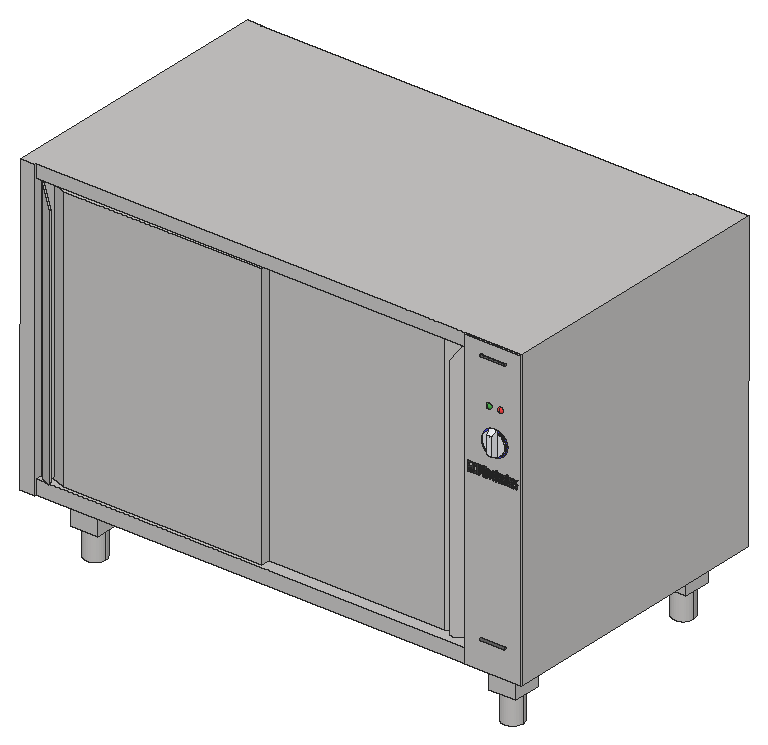
Revit family "QF_ELECTROLUXPROFESSIONAL_121907_TE2SE12DA", category Attrezzature speciali, Revit 2020
Family settings
  Quota connettore circolare = Usa diametro
  Tipo di parte = Normale
  Basato su piano di lavoro = No
  Sempre verticale = Sì
  Taglio con vuoti quando caricato = No
  Condiviso = No
  Punto di calcolo locali = No
Parameters (values of type "Standard")
  Weight = 100.00 kg
  Watts = 1600 W
  Volts = 230 V
  URL Manufacturer = "https://www.electroluxprofessional.com/"
  URL = "https://www.electroluxprofessional.com/"
  Steam Supply Size = 0 mm
  Steam Supply Minimum Pressure = 0.0 Pa
  Steam Supply Maximum Pressure = 0.0 Pa
  Steam Consumption per Hour = 0
  Refrigeration Suction Line Size = 0.0 mm
  Refrigeration Liquid Line Size = 0.0 mm
  Refrigerant Compressor Remote = yes
  Prospetto di default = 0.0 mm
  Phase = 1
  Modello = "TE2SE12DA"
  Produttore = "Electrolux Professional"
  Length Actual = 1200.0 mm  # constant formula
  Item Number = "121907"
  Hot Water Size = 0 mm
  Height Actual = 860.0 mm  # constant formula
  HP = "2.1 HP"
  Gas Size = 0 mm
  Gas KW = 0
  Gas Input Pressure = 0 W
  Direct Waste Size = 0 mm
  Descrizione = "HOT CUPB.PASSTH.2+2 SLIDING DOORS 1200MM"
  Depth Actual = 680.0 mm  # constant formula
  Cycle = 50 Hz
  Condensate Return Size = 0 mm
  Compressed Air Volume = 0.0 L/s
  Compressed Air Size = 0 mm
  Compressed Air Pressure = 0.0 Pa
  Cold Water Size = 0 mm
  Accessory = yes
Reference planes
  plane 1 "Center (Front/Back)": y = 0
  plane 2: z = 0
  plane 3 "Center (Left/Right)": x = -300
  plane 4 "LEFT": x = -900
  plane 5 "RIGHT": x = 300
  plane 6 "BACK": y = 340
  plane 7 "FRONT": y = -340
  plane 8 "Base": z = 860
  plane 9 "TOP": z = 900
  plane 10: x = -800
  plane 11: x = 200
  plane 12: y = 270
  plane 13: y = -240
  plane 14 "FEET": z = 150
  plane 15: x = -866
  plane 16: y = -337
  plane 17: y = 310
  plane 18: x = 166
  plane 19 "EIy": x = 268
  plane 20 "EIx": y = -90
  plane 21: y = 337
Forms (mm)
  Extrusion 1, solid, material "QF_Finishes_Stainless Steel"
    sketch origin (0, 0, 150) x (-1, 0, 0) y (0, -1, 0)
      loop
        line (900, -340) -> (900, 340) -> (866, 340) -> (866, -340) -> (900, -340)
      loop
        line (-166, -340) -> (-166, 337) -> (-300, 337) -> (-300, -340) -> (-166, -340)
    from 0 to 710
  Extrusion 2, solid, material "QF_Finishes_Stainless Steel"
    sketch origin (0, 0, 150) x (-1, 0, 0) y (0, -1, 0)
      loop
        line (866, -310) -> (866, 337) -> (-166, 337) -> (-166, -310) -> (866, -310)
    from 0 to 35
  Extrusion 3, solid, material "QF_Finishes_Stainless Steel"
    sketch origin (0, 0, 0) x (1, 0, 0) y (0, 1, 0)
      loop
        line (-866, -337) -> (166, -337) -> (166, 337) -> (-866, 337) -> (-866, -337)
    from 830 to 860
  Extrusion 4, solid, material "QF_Finishes_Stainless Steel"
    sketch origin (0, -340, 0) x (-1, 0, 0) y (0, 0, 1)
      loop
        line (301, 185) -> (301, 187) -> (299, 187) -> (299, 185) -> (301, 185)
    from 45 to 43
  Extrusion 5, solid, material "QF_Finishes_Stainless Steel"
    sketch origin (0, 0, 150) x (-1, 0, 0) y (0, -1, 0)
      loop
        circle (-268, 90) r 10
    from 0 to -5
  Extrusion 6, solid, material "QF_Finishes_Stainless Steel"
    sketch origin (0, 0, 150) x (-1, 0, 0) y (0, -1, 0)
      loop
        line (376.5, 317) -> (-98, 317) -> (-133, 302) -> (-163, 302) -> (-163, 297) -> (376.5, 297) -> (376.5, 317)
    from 675 to 40
  Extrusion 7, solid, material "QF_Finishes_Stainless Steel"
    sketch origin (0, 0, 150) x (-1, 0, 0) y (0, -1, 0)
      loop
        line (-121, 331) -> (-149, 316) -> (-163, 302) -> (-160.172, 302) -> (-147.795, 314.377) -> (-120.056, 329.237) -> (-121, 331)
    from 675 to 40
  Extrusion 8, solid, material "QF_Finishes_Stainless Steel"
    sketch origin (0, 0, 150) x (-1, 0, 0) y (0, -1, 0)
      loop
        line (323.481, 337) -> (323.481, 317) -> (863, 317) -> (863, 322) -> (833, 322) -> (798, 337) -> (323.481, 337)
    from 675 to 40
  Extrusion 9, solid, material "QF_Finishes_Stainless Steel"
    sketch origin (0, 0, 150) x (-1, 0, 0) y (0, -1, 0)
      loop
        line (821, 351) -> (820.056, 349.237) -> (847.795, 334.377) -> (860.172, 322) -> (863, 322) -> (849, 336) -> (821, 351)
    from 675 to 40
  Extrusion 10, solid, material "QF_Finishes_Stainless Steel"
    sketch origin (0, 340, 0) x (-1, 0, 0) y (0, 0, -1)
      loop
        line (301, -185) -> (299, -185) -> (299, -187) -> (301, -187) -> (301, -185)
    from 45 to 43
  Extrusion 11, solid, material "QF_Finishes_Stainless Steel"
    sketch origin (0, 0, 150) x (-1, 0, 0) y (0, -1, 0)
      loop
        line (376.5, -317) -> (376.5, -297) -> (-163, -297) -> (-163, -302) -> (-133, -302) -> (-98, -317) -> (376.5, -317)
    from 675 to 40
  Extrusion 12, solid, material "QF_Finishes_Stainless Steel"
    sketch origin (0, 0, 150) x (-1, 0, 0) y (0, -1, 0)
      loop
        line (-121, -331) -> (-120.056, -329.237) -> (-147.795, -314.377) -> (-160.172, -302) -> (-163, -302) -> (-149, -316) -> (-121, -331)
    from 675 to 40
  Extrusion 13, solid, material "QF_Finishes_Stainless Steel"
    sketch origin (0, 0, 150) x (-1, 0, 0) y (0, -1, 0)
      loop
        line (323.481, -337) -> (798, -337) -> (833, -322) -> (863, -322) -> (863, -317) -> (323.481, -317) -> (323.481, -337)
    from 675 to 40
  Extrusion 14, solid, material "QF_Finishes_Stainless Steel"
    sketch origin (0, 0, 150) x (-1, 0, 0) y (0, -1, 0)
      loop
        line (821, -351) -> (849, -336) -> (863, -322) -> (860.172, -322) -> (847.795, -334.377) -> (820.056, -349.237) -> (821, -351)
    from 675 to 40
  Extrusion 15, void
    sketch origin (-318.5, -342.5, 2435) x (-1, 0, 0) y (0, 0, 1)
      loop
        line (497, -1610) -> (497, -1661.75) -> (531.5, -1610) -> (497, -1610)
      loop
        line (501.556, -2245) -> (511.556, -2245)
        arc (511.556, -2245) -> (504.484, -2242.071) -> (501.556, -2235) r 10
        line (501.556, -2235) -> (501.556, -2245)
    from -13.118 to 9.689
  Extrusion 16, void
    sketch origin (-318.5, 342.5, 2436.5) x (-1, 0, 0) y (0, 0, -1)
      loop
        line (497, 1610) -> (531.5, 1610) -> (497, 1661.75) -> (497, 1610)
      loop
        line (501.556, 2245) -> (501.556, 2235)
        arc (501.556, 2235) -> (504.484, 2242.071) -> (511.556, 2245) r 10
        line (511.556, 2245) -> (501.556, 2245)
    from -13.118 to 9.689
  Extrusion 17, void
    sketch origin (-481.5, -342.5, 2430) x (1, 0, 0) y (0, 0, -1)
      loop
        line (597, 1605) -> (631.5, 1605) -> (597, 1656.75) -> (597, 1605)
      loop
        line (601.556, 2240) -> (601.556, 2230)
        arc (601.556, 2230) -> (604.484, 2237.071) -> (611.556, 2240) r 10
        line (611.556, 2240) -> (601.556, 2240)
    from 5.5 to 29.918
  Extrusion 18, void
    sketch origin (-481.5, 342.5, 2430) x (1, 0, 0) y (0, 0, 1)
      loop
        line (597, -1605) -> (597, -1656.75) -> (631.5, -1605) -> (597, -1605)
      loop
        line (601.556, -2240) -> (611.556, -2240)
        arc (611.556, -2240) -> (604.484, -2237.071) -> (601.556, -2230) r 10
        line (601.556, -2230) -> (601.556, -2240)
    from 5.5 to 29.918
Cuts and joins
  joined: Extrusion 1, Extrusion 3
  Extrusion 17 cuts Extrusion 7
  Extrusion 15 cuts Extrusion 9
  Extrusion 16 cuts Extrusion 14
  Extrusion 18 cuts Extrusion 12
Lines and regions (mm)
  symbolic lines, style "SpecialityEquipmentHiddenLines"
    curve 1: line (300, -340, 900) -> (300, 340, 900)
    curve 2: line (-900, -344.5, 150) -> (-900, 340, 150)
    curve 3: line (-900, -340, 150) -> (-866, -340, 150)
    curve 4: line (-866, -340, 150) -> (-866, -337, 150)
    curve 5: line (-866, -337, 150) -> (166, -337, 150)
    curve 6: line (166, -337, 150) -> (166, -340, 150)
    curve 7: line (166, -340, 150) -> (300, -340, 150)
    curve 8: line (168, -340, 1600) -> (168, -337, 1600)
    curve 10: line (-868, -337, 1600) -> (-868, -340, 1600)
    curve 11: line (166, -297, 200) -> (-376.5, -297, 200)
    curve 12: line (-376.5, -297, 200) -> (-376.5, -317, 200)
    curve 13: line (99, -317, 200) -> (-863, -317, 200)
    curve 17: line (-323.5, -317, 200) -> (-323.5, -337, 200)
    curve 18: line (98, -317, 1600) -> (133, -302, 1600)
    curve 19: line (133, -302, 1600) -> (163, -302, 1600)
    curve 20: line (163, -302, 1600) -> (163, -297, 1600)
    curve 21: line (120.958, -331.023, 1600) -> (148.999, -316.001, 1600)
    curve 22: line (148.999, -316.001, 1600) -> (163, -302, 1600)
    curve 23: line (160.172, -302, 1600) -> (147.795, -314.377, 1600)
    curve 24: line (147.795, -314.377, 1600) -> (119.992, -329.271, 1600)
    curve 25: line (119.992, -329.271, 1600) -> (120.958, -331.023, 1600)
    curve 26: line (-863, -317, 1600) -> (-863, -322, 1600)
    curve 27: line (-863, -322, 1600) -> (-849, -336, 1600)
    curve 28: line (-849, -336, 1600) -> (-847.133, -337, 1600)
    curve 29: line (-842.884, -337, 1600) -> (-847.955, -334.283, 1600)
    curve 30: line (-847.955, -334.283, 1600) -> (-860.239, -322, 1600)
    curve 31: line (-798, -337, 1600) -> (-833, -322, 1600)
    curve 32: line (-833, -322, 1600) -> (-863, -322, 1600)
    curve 33: line (-900, 340, 150) -> (-866, 340, 150)
    curve 34: line (-866, 340, 150) -> (-866, 337, 150)
    curve 35: line (-866, 337, 150) -> (166, 337, 150)
    curve 36: line (166, 337, 150) -> (166, 340, 150)
    curve 37: line (166, 340, 150) -> (300, 340, 150)
    curve 38: line (168, 340, 1600) -> (168, 337, 1600)
    curve 40: line (-868, 337, 1600) -> (-868, 340, 1600)
    curve 41: line (166, 297, 200) -> (-376.5, 297, 200)
    curve 42: line (-376.5, 297, 200) -> (-376.5, 317, 200)
    curve 43: line (99, 317, 200) -> (-863, 317, 200)
    curve 47: line (-323.5, 317, 200) -> (-323.5, 337, 200)
    curve 48: line (98, 317, 1600) -> (133, 302, 1600)
    curve 49: line (133, 302, 1600) -> (163, 302, 1600)
    curve 50: line (163, 302, 1600) -> (163, 297, 1600)
    curve 51: line (120.958, 331.023, 1600) -> (148.999, 316.001, 1600)
    curve 52: line (148.999, 316.001, 1600) -> (163, 302, 1600)
    curve 53: line (160.172, 302, 1600) -> (147.795, 314.377, 1600)
    curve 54: line (147.795, 314.377, 1600) -> (119.992, 329.271, 1600)
    curve 55: line (119.992, 329.271, 1600) -> (120.958, 331.023, 1600)
    curve 56: line (-863, 317, 1600) -> (-863, 322, 1600)
    curve 57: line (-863, 322, 1600) -> (-849, 336, 1600)
    curve 58: line (-849, 336, 1600) -> (-847.133, 337, 1600)
    curve 59: line (-842.884, 337, 1600) -> (-847.955, 334.283, 1600)
    curve 60: line (-847.955, 334.283, 1600) -> (-860.239, 322, 1600)
    curve 61: line (-798, 337, 1600) -> (-833, 322, 1600)
    curve 62: line (-833, 322, 1600) -> (-863, 322, 1600)
  symbolic lines, style "SpecialityEquipment"
    curve 9: line (168, -337, 1600) -> (-868, -337, 1600)
    curve 14: line (-847.133, -337, 1600) -> (-820.985, -351.008, 1600)
    curve 15: line (-820.985, -351.008, 1600) -> (-820.038, -349.239, 1600)
    curve 16: line (-842.884, -337, 1600) -> (-820.038, -349.239, 1600)
    curve 39: line (168, 337, 1600) -> (-868, 337, 1600)
    curve 44: line (-847.133, 337, 1600) -> (-820.985, 351.008, 1600)
    curve 45: line (-820.985, 351.008, 1600) -> (-820.038, 349.239, 1600)
    curve 46: line (-842.884, 337, 1600) -> (-820.038, 349.239, 1600)
Dimensions and locks
  plane 4 "LEFT" to plane 5 "RIGHT" = 1200.0 mm
  equal spacing: plane 4 "LEFT", plane 3 "Center (Left/Right)", plane 5 "RIGHT"
  plane 6 "BACK" to plane 7 "FRONT" = 680.0 mm
  equal spacing: plane 6 "BACK", plane 1 "Center (Front/Back)", plane 7 "FRONT"
  locked: plane 14 "FEET" to level at 150
  locked: plane 4 "LEFT" to plane 10 at 100
  locked: plane 11 to plane 5 "RIGHT" at 100
  locked: plane 4 "LEFT" to plane 15 at 34
  plane 16 to plane 7 "FRONT" = 3.0 mm
  plane 6 "BACK" to plane 17 = 30.0 mm
  locked: plane 6 "BACK" to plane 12 at 70
  locked: plane 13 to plane 7 "FRONT" at 100
  locked: plane 8 "Base" to level at 860
  locked: plane 9 "TOP" to level at 900
  locked: plane 18 to plane 5 "RIGHT" at 134
  locked: plane 19 "EIy" to plane 5 "RIGHT" at 32
  locked: plane 20 "EIx" to plane 7 "FRONT" at 250
  aligned and locked: level to plane 2
  aligned and locked: plane 10 to nested 1
  aligned and locked: plane 11 to nested 2
  aligned and locked: nested 4 to plane 12
  aligned and locked: plane 10 to nested 3
  aligned and locked: nested 3 to plane 12
  aligned and locked: plane 8 "Base" to Extrusion 1
  aligned and locked: plane 6 "BACK" to Extrusion 1 sketch curve
  aligned and locked: Extrusion 1 sketch curve to plane 6 "BACK"
  aligned and locked: Extrusion 1 sketch curve to plane 7 "FRONT"
  aligned and locked: plane 15 to Extrusion 1
  aligned and locked: Extrusion 2 to plane 15
  aligned and locked: plane 8 "Base" to Extrusion 3
  aligned and locked: Extrusion 2 to plane 16
  aligned and locked: Extrusion 2 to plane 17
  aligned and locked: Extrusion 3 to plane 16
  aligned and locked: nested 1 to plane 13
  aligned and locked: nested 2 to plane 13
  aligned and locked: plane 18 to Extrusion 3
  aligned and locked: Extrusion 2 sketch curve to plane 18
  aligned and locked: plane 11 to nested 4
Automatic sketch dimensions
  curve 1 to plane 5 "RIGHT" = 0.0 mm
  curve 1 to plane 7 "FRONT" = 0.0 mm
  curve 1 to plane 6 "BACK" = 0.0 mm
  Extrusion 1 sketch curve to plane 5 "RIGHT" = 0.0 mm
  Extrusion 1 sketch curve to plane 16 = 0.0 mm
  Extrusion 1 sketch curve to plane 18 = 0.0 mm
  Extrusion 1 sketch curve to plane 15 = 0.0 mm
  Extrusion 1 sketch curve to plane 4 "LEFT" = 0.0 mm
  Extrusion 2 sketch curve to plane 15 = 0.0 mm
  plane 17 to Extrusion 2 sketch curve = 0.0 mm
  Extrusion 2 sketch curve to plane 16 = 0.0 mm
  curve 7 to plane 5 "RIGHT" = 0.0 mm
  curve 37 to plane 5 "RIGHT" = 0.0 mm
  curve 37 to plane 6 "BACK" = 0.0 mm
  curve 37 to plane 18 = 0.0 mm
  curve 7 to plane 7 "FRONT" = 0.0 mm
  curve 7 to plane 18 = 0.0 mm
  curve 5 to plane 15 = 0.0 mm
  curve 33 to plane 6 "BACK" = 0.0 mm
  curve 33 to plane 15 = 0.0 mm
  curve 2 to plane 4 "LEFT" = 0.0 mm
  curve 34 to plane 21 = 0.0 mm
  curve 4 to plane 16 = 0.0 mm
  curve 4 to plane 7 "FRONT" = 0.0 mm
  curve 3 to curve 2 = 4.5 mm
  Extrusion 3 sketch curve to plane 15 = 0.0 mm
  Extrusion 3 sketch curve to plane 18 = 0.0 mm
  Extrusion 3 sketch curve to plane 16 = 0.0 mm
  Extrusion 3 sketch curve to plane 21 = 0.0 mm
  plane 3 "Center (Left/Right)" to Extrusion 4 sketch curve = 1.0 mm
  Extrusion 4 sketch curve to plane 3 "Center (Left/Right)" = 1.0 mm
  plane 14 "FEET" to Extrusion 4 sketch curve = 35.0 mm
  Extrusion 4 sketch curve to Extrusion 4 sketch curve = 2.0 mm
  Extrusion 5 sketch curve to plane 19 "EIy" = 0.0 mm
  Extrusion 5 sketch curve to plane 20 "EIx" = 0.0 mm
  Extrusion 6 sketch curve to plane 18 = 3.0 mm
  Extrusion 6 sketch curve to Extrusion 6 sketch curve = 30.0 mm
  Extrusion 6 sketch curve to Extrusion 6 sketch curve = 35.0 mm
  Extrusion 6 sketch curve to plane 3 "Center (Left/Right)" = 76.5 mm
  plane 16 to Extrusion 6 sketch curve = 40.0 mm
  Extrusion 6 sketch curve to Extrusion 6 sketch curve = 5.0 mm
  Extrusion 6 sketch curve to Extrusion 6 sketch curve = 20.0 mm
  Extrusion 7 sketch curve to plane 18 = 3.0 mm
  Extrusion 7 sketch curve to Extrusion 7 sketch curve = 2.828 mm
  Extrusion 7 sketch curve to plane 18 = 17.0 mm
  Extrusion 7 sketch curve to Extrusion 7 sketch curve = 1.205 mm
  plane 16 to Extrusion 7 sketch curve = 6.0 mm
  Extrusion 7 sketch curve to Extrusion 7 sketch curve = 26.795 mm
  plane 16 to Extrusion 7 sketch curve = 7.763 mm
  Extrusion 7 sketch curve to Extrusion 7 sketch curve = 0.944 mm
  Extrusion 7 sketch curve to Extrusion 7 sketch curve = 12.377 mm
  Extrusion 8 sketch curve to plane 16 = 0.0 mm
  Extrusion 8 sketch curve to plane 3 "Center (Left/Right)" = 23.481 mm
  plane 10 to Extrusion 8 sketch curve = 2.0 mm
  plane 16 to Extrusion 8 sketch curve = 15.0 mm
  Extrusion 8 sketch curve to plane 10 = 33.0 mm
  plane 15 to Extrusion 8 sketch curve = 3.0 mm
  Extrusion 8 sketch curve to Extrusion 8 sketch curve = 20.0 mm
  Extrusion 9 sketch curve to plane 10 = 20.056 mm
  Extrusion 9 sketch curve to plane 7 "FRONT" = 11.0 mm
  Extrusion 9 sketch curve to Extrusion 9 sketch curve = 0.944 mm
  plane 16 to Extrusion 9 sketch curve = 2.623 mm
  plane 15 to Extrusion 9 sketch curve = 18.205 mm
  plane 16 to Extrusion 9 sketch curve = 1.0 mm
  plane 15 to Extrusion 9 sketch curve = 5.828 mm
  Extrusion 9 sketch curve to Extrusion 9 sketch curve = 2.828 mm
  plane 16 to Extrusion 9 sketch curve = 15.0 mm
  curve 8 to plane 7 "FRONT" = 0.0 mm
  curve 8 to plane 16 = 0.0 mm
  curve 39 to plane 21 = 0.0 mm
  curve 38 to plane 6 "BACK" = 0.0 mm
  curve 10 to plane 7 "FRONT" = 0.0 mm
  curve 40 to plane 6 "BACK" = 0.0 mm
  plane 18 to curve 8 = 2.0 mm
  plane 18 to curve 39 = 2.0 mm
  curve 22 to plane 18 = 3.0 mm
  curve 52 to plane 18 = 3.0 mm
  curve 51 to plane 17 = 6.001 mm
  curve 51 to plane 18 = 17.001 mm
  curve 22 to plane 18 = 17.001 mm
  curve 53 to plane 17 = 4.377 mm
  curve 51 to curve 53 = 1.204 mm
  curve 21 to curve 24 = 1.204 mm
  plane 17 to curve 48 = 8.0 mm
  curve 53 to curve 48 = 14.795 mm
  curve 23 to curve 18 = 14.795 mm
  plane 16 to curve 25 = 5.977 mm
  curve 18 to curve 25 = 12.042 mm
  curve 55 to plane 21 = 5.977 mm
  curve 48 to curve 55 = 12.042 mm
  curve 55 to plane 21 = 7.729 mm
  curve 51 to curve 55 = 0.966 mm
  plane 16 to curve 24 = 7.729 mm
  curve 21 to curve 24 = 0.966 mm
  curve 15 to plane 7 "FRONT" = 9.239 mm
  curve 15 to plane 10 = 20.038 mm
  plane 6 "BACK" to curve 46 = 9.239 mm
  curve 46 to plane 10 = 20.038 mm
  curve 15 to plane 7 "FRONT" = 11.008 mm
  curve 15 to curve 15 = 0.948 mm
  plane 6 "BACK" to curve 44 = 11.008 mm
  curve 45 to curve 44 = 0.948 mm
  curve 62 to curve 46 = 9.884 mm
  plane 16 to curve 31 = 15.0 mm
  curve 31 to curve 16 = 9.884 mm
  curve 60 to plane 21 = 2.717 mm
  curve 44 to curve 60 = 0.822 mm
  plane 16 to curve 29 = 2.717 mm
  curve 14 to curve 29 = 0.822 mm
  curve 57 to plane 21 = 1.0 mm
  curve 59 to curve 57 = 1.045 mm
  plane 16 to curve 27 = 1.0 mm
  curve 29 to curve 27 = 1.045 mm
  plane 15 to curve 56 = 3.0 mm
  plane 15 to curve 32 = 3.0 mm
  curve 40 to plane 15 = 2.0 mm
  curve 9 to plane 15 = 2.0 mm
  curve 61 to plane 17 = 12.0 mm
  curve 19 to curve 24 = 27.271 mm
  curve 23 to curve 23 = 12.377 mm
  curve 23 to curve 21 = 1.624 mm
  curve 49 to curve 53 = 2.828 mm
  curve 19 to curve 23 = 2.828 mm
  curve 48 to plane 17 = 7.0 mm
  curve 54 to curve 48 = 21.992 mm
  plane 16 to curve 18 = 20.0 mm
  curve 24 to curve 18 = 21.992 mm
  plane 10 to curve 61 = 2.0 mm
  plane 10 to curve 31 = 2.0 mm
  curve 59 to curve 46 = 0.0 mm
  curve 29 to curve 16 = 0.0 mm
  curve 58 to curve 44 = 0.0 mm
  curve 28 to curve 14 = 0.0 mm
  curve 60 to curve 56 = 2.761 mm
  curve 30 to curve 26 = 2.761 mm
  curve 56 to curve 56 = 5.0 mm
  curve 49 to curve 50 = 5.0 mm
  curve 20 to curve 19 = 5.0 mm
  curve 26 to curve 26 = 5.0 mm
  curve 11 to plane 18 = 0.0 mm
  curve 41 to plane 18 = 0.0 mm
  curve 17 to plane 16 = 0.0 mm
  curve 47 to plane 21 = 0.0 mm
  plane 17 to curve 41 = 13.0 mm
  curve 41 to plane 3 "Center (Left/Right)" = 76.5 mm
  curve 11 to plane 3 "Center (Left/Right)" = 76.5 mm
  plane 16 to curve 11 = 40.0 mm
  plane 16 to curve 13 = 20.0 mm
  curve 13 to plane 18 = 67.0 mm
  curve 43 to plane 17 = 7.0 mm
  curve 43 to plane 18 = 67.0 mm
  curve 17 to plane 3 "Center (Left/Right)" = 23.5 mm
  curve 47 to plane 3 "Center (Left/Right)" = 23.5 mm
  plane 15 to curve 13 = 3.0 mm
  plane 15 to curve 43 = 3.0 mm
  plane 3 "Center (Left/Right)" to Extrusion 10 sketch curve = 1.0 mm
  Extrusion 10 sketch curve to plane 3 "Center (Left/Right)" = 1.0 mm
  plane 14 "FEET" to Extrusion 10 sketch curve = 37.0 mm
  Extrusion 10 sketch curve to Extrusion 10 sketch curve = 2.0 mm
  plane 18 to Extrusion 11 sketch curve = 3.0 mm
  Extrusion 11 sketch curve to plane 17 = 8.0 mm
  Extrusion 11 sketch curve to Extrusion 11 sketch curve = 30.0 mm
  plane 17 to Extrusion 11 sketch curve = 7.0 mm
  Extrusion 11 sketch curve to Extrusion 11 sketch curve = 35.0 mm
  Extrusion 11 sketch curve to plane 17 = 13.0 mm
  plane 3 "Center (Left/Right)" to Extrusion 11 sketch curve = 76.5 mm
  plane 18 to Extrusion 12 sketch curve = 3.0 mm
  Extrusion 12 sketch curve to Extrusion 12 sketch curve = 2.828 mm
  plane 17 to Extrusion 12 sketch curve = 6.0 mm
  plane 18 to Extrusion 12 sketch curve = 17.0 mm
  plane 17 to Extrusion 12 sketch curve = 4.377 mm
  Extrusion 12 sketch curve to Extrusion 12 sketch curve = 1.205 mm
  plane 21 to Extrusion 12 sketch curve = 6.0 mm
  Extrusion 12 sketch curve to Extrusion 12 sketch curve = 26.795 mm
  Extrusion 12 sketch curve to plane 17 = 8.0 mm
  Extrusion 13 sketch curve to plane 21 = 0.0 mm
  plane 3 "Center (Left/Right)" to Extrusion 13 sketch curve = 23.481 mm
  Extrusion 13 sketch curve to plane 10 = 2.0 mm
  plane 17 to Extrusion 13 sketch curve = 12.0 mm
  plane 10 to Extrusion 13 sketch curve = 33.0 mm
  Extrusion 13 sketch curve to plane 15 = 3.0 mm
  plane 17 to Extrusion 13 sketch curve = 7.0 mm
  plane 10 to Extrusion 14 sketch curve = 20.056 mm
  Extrusion 14 sketch curve to plane 6 "BACK" = 11.0 mm
  Extrusion 14 sketch curve to Extrusion 14 sketch curve = 0.944 mm
  plane 21 to Extrusion 14 sketch curve = 2.623 mm
  Extrusion 14 sketch curve to plane 15 = 18.205 mm
  plane 21 to Extrusion 14 sketch curve = 1.0 mm
  Extrusion 14 sketch curve to plane 15 = 5.828 mm
  Extrusion 14 sketch curve to Extrusion 14 sketch curve = 2.828 mm
  plane 17 to Extrusion 14 sketch curve = 12.0 mm
  Extrusion 15 sketch curve to plane 10 = 15.5 mm
  Extrusion 15 sketch curve to plane 10 = 20.056 mm
  Extrusion 15 sketch curve to Extrusion 15 sketch curve = 10.0 mm
  plane 15 to Extrusion 15 sketch curve = 16.0 mm
  plane 14 "FEET" to Extrusion 15 sketch curve = 40.0 mm
  Extrusion 15 sketch curve to plane 8 "Base" = 86.75 mm
  Extrusion 15 sketch curve to plane 8 "Base" = 35.0 mm
  Extrusion 16 sketch curve to plane 10 = 15.5 mm
  Extrusion 16 sketch curve to plane 10 = 20.056 mm
  Extrusion 16 sketch curve to Extrusion 16 sketch curve = 10.0 mm
  plane 15 to Extrusion 16 sketch curve = 16.0 mm
  Extrusion 16 sketch curve to plane 8 "Base" = 33.5 mm
  Extrusion 16 sketch curve to Extrusion 16 sketch curve = 51.75 mm
  plane 14 "FEET" to Extrusion 16 sketch curve = 51.5 mm
  Extrusion 17 sketch curve to plane 18 = 50.5 mm
  Extrusion 17 sketch curve to plane 18 = 45.944 mm
  Extrusion 17 sketch curve to Extrusion 17 sketch curve = 10.0 mm
  Extrusion 17 sketch curve to plane 18 = 16.0 mm
  Extrusion 17 sketch curve to plane 8 "Base" = 35.0 mm
  Extrusion 17 sketch curve to Extrusion 17 sketch curve = 51.75 mm
  plane 14 "FEET" to Extrusion 17 sketch curve = 50.0 mm
  Extrusion 18 sketch curve to plane 18 = 50.5 mm
  Extrusion 18 sketch curve to plane 18 = 45.944 mm
  Extrusion 18 sketch curve to Extrusion 18 sketch curve = 10.0 mm
  Extrusion 18 sketch curve to plane 18 = 16.0 mm
  plane 14 "FEET" to Extrusion 18 sketch curve = 40.0 mm
  Extrusion 18 sketch curve to plane 8 "Base" = 86.75 mm
  Extrusion 18 sketch curve to plane 8 "Base" = 35.0 mm
  radius of Extrusion 5 sketch curve = 10.0 mm
Nested families
  nested 1: "FEET_L65-150" at (-800, -240, 0), type "FEET_L65-150"
  nested 2: "FEET_L65-150" at (200, -240, 0), type "FEET_L65-150"
  nested 3: "FEET_L65-150" at (-800, 270, 0), type "FEET_L65-150"
  nested 4: "FEET_L65-150" at (200, 270, 0), type "FEET_L65-150"
  nested 5: "PANEL_ELX_HOTCUP_134" at (196.958, -337, 150) x (1, 0, 0) z (0, -1, 0), type "PANEL_ELX_HOTCUP_134"
    with Width 134.0 mm, Show Clearance yes
Connectors
  electrical at (268, -90, 145), driven by "Volts"
    settings: on Extrusion 5, index 1, voltage 230 V, apparent load 0 VA, apparent load phase1 0 VA, apparent load phase2 0 VA, apparent load phase3 0 VA, power factor 1, load classification "Other", number of poles 1, system type 30, power factor state 1, is connector primary yes, connector utility no, sub classification motor no, connector description "Electrical Connection"
Definition of nested family "FEET_L65-150"
  Parameters
    Default Elevation = 0.0 mm
    FEET = 150.0 mm
  Reference planes
    plane 1 "Center (Front/Back)": y = 0
    plane 2: z = 0
    plane 3 "Center (Left/Right)": x = 0
    plane 4: z = 150
  Forms (mm)
    Extrusion 1, solid
      sketch origin (0, 0, 0) x (1, 0, 0) y (0, 1, 0)
        loop
          circle (0, 0) r 25
      from 0 to 67
    Extrusion 2, solid
      sketch origin (0, 0, 0) x (1, 0, 0) y (0, 1, 0)
        loop
          line (32.561, 32.5) -> (-32.439, 32.5) -> (-32.439, -32.5) -> (32.561, -32.5) -> (32.561, 32.5)
      from 67 to 150 <- "FEET"
  Lines and regions (mm)
    symbolic lines
      curve 1: line (0, -1.503, 0) -> (0, 1.508, 0)
      curve 2: line (1.561, 0, 0) -> (-1.439, 0, 0)
  Dimensions and locks
    "FEET": plane 4 to plane 2
    aligned and locked: level to plane 2
  Automatic sketch dimensions
    plane 1 "Center (Front/Back)" to Extrusion 1 sketch curve = 0.0 mm
    Extrusion 1 sketch curve to plane 3 "Center (Left/Right)" = 0.0 mm
    plane 1 "Center (Front/Back)" to curve 2 = 0.0 mm
    curve 1 to plane 3 "Center (Left/Right)" = 0.0 mm
    curve 2 to plane 3 "Center (Left/Right)" = 1.439 mm
    plane 3 "Center (Left/Right)" to curve 2 = 1.561 mm
    plane 1 "Center (Front/Back)" to curve 1 = 1.503 mm
    curve 1 to plane 1 "Center (Front/Back)" = 1.508 mm
    Extrusion 2 sketch curve to plane 1 "Center (Front/Back)" = 32.5 mm
    Extrusion 2 sketch curve to plane 3 "Center (Left/Right)" = 32.439 mm
    plane 3 "Center (Left/Right)" to Extrusion 2 sketch curve = 32.561 mm
    plane 1 "Center (Front/Back)" to Extrusion 2 sketch curve = 32.5 mm
    radius of Extrusion 1 sketch curve = 25.0 mm
Definition of nested family "PANEL_ELX_HOTCUP_134"
  Parameters
    Width [instance] = 134.0 mm
    Show Clearance [instance] = yes
    Model = "727995"
    Height = 710.0 mm
    Default Elevation = 0.0 mm
  Reference planes
    plane 1 "Center (Front/Back)": y = 0
    plane 2: z = 0
    plane 3 "Center (Left/Right)": x = 36.042
    plane 4 "panel": z = 3
    plane 5 "Left": x = -30.958
    plane 6 "Right": x = 103.042
    plane 7: y = 710
    plane 8 "L1": x = 26.042
    plane 9 "L2": x = 54.042
    plane 10: y = 575
  Forms (mm)
    Extrusion 1, solid
      sketch origin (0, -919.2, 0) x (1, 0, 0) y (0, 1, 0)
        loop
          line (-980.5, 2119.2) -> (-980.5, -162.846) -> (881.94, -162.846) -> (881.94, 2119.2) -> (-980.5, 2119.2)
      from 0 to -59.546
    Extrusion 2, solid
      sketch origin (36.042, -190, 0) x (0, 1, 0) y (0, 0, 1)
        loop
          line (190, 3) -> (190, 0) -> (900, 0) -> (900, 3) -> (190, 3)
      from 67 to -67
    Extrusion 3, solid
      sketch origin (0, 0, 0) x (1, 0, 0) y (0, 1, 0)
        loop
          line (9.042, 673.5) -> (63.042, 673.5)
          arc (63.042, 673.5) -> (66.042, 676.5) -> (63.042, 679.5) r 3
          line (63.042, 679.5) -> (9.042, 679.5)
          arc (9.042, 679.5) -> (6.042, 676.5) -> (9.042, 673.5) r 3
        loop
          line (9.042, 65) -> (63.042, 65)
          arc (63.042, 65) -> (66.042, 68) -> (63.042, 71) r 3
          line (63.042, 71) -> (9.042, 71)
          arc (9.042, 71) -> (6.042, 68) -> (9.042, 65) r 3
      from 3 to 4.6
    Extrusion 4, solid
      sketch origin (0, 0, 0) x (1, 0, 0) y (0, 1, 0)
        loop
          circle (40.042, 500) r 30
      from 0 to 5
    Extrusion 5, solid
      sketch origin (0, 0, 0) x (1, 0, 0) y (0, 1, 0)
        loop
          circle (40.042, 500) r 26.788
      from 7 to 5
    Blend 6, solid
      base sketch origin (0, 0, 0) x (1, 0, 0) y (0, 1, 0)
        loop
          arc (48.106, 530.45) -> (40.022, 531.5) -> (31.94, 530.44) r 31.5
          line (31.94, 530.44) -> (31.94, 474.458)
          arc (31.94, 474.458) -> (40.023, 473.209) -> (48.106, 474.454) r 26.815
          line (48.106, 474.454) -> (48.106, 530.45)
      top sketch origin (0, 0, 0) x (1, 0, 0) y (0, 1, 0)
        loop
          arc (47.007, 520.889) -> (40.042, 522.019) -> (33.077, 520.889) r 22.019
          line (33.077, 520.889) -> (33.077, 480.699)
          arc (33.077, 480.699) -> (40.042, 479.481) -> (47.007, 480.699) r 20.519
          line (47.007, 480.699) -> (47.007, 520.889)
      from 7 to 20
    Revolve 7, solid
      sketch origin (26.042, 0, 0) x (0, 1, 0) y (0, 0, 1)
        loop
          line (575, 3) -> (581, 3)
          arc (581, 3) -> (578.606, 5.908) -> (575, 7) r 6.5
          line (575, 7) -> (575, 3)
        axis (575, 7) -> (575, 3)
      angle from 0 to 360
    Revolve 8, solid
      sketch origin (54.042, 0, 0) x (0, 1, 0) y (0, 0, 1)
        loop
          line (575, 3) -> (581, 3)
          arc (581, 3) -> (578.606, 5.908) -> (575, 7) r 6.5
          line (575, 7) -> (575, 3)
        axis (575, 7) -> (575, 3)
      angle from 0 to 360
  Dimensions and locks
    plane 4 "panel" to level = 3.0 mm
    "Width": plane 5 "Left" to plane 6 "Right"
    equal spacing: plane 5 "Left", plane 3 "Center (Left/Right)", plane 6 "Right"
    "Height": plane 1 "Center (Front/Back)" to plane 7
    aligned and locked: plane 2 to Extrusion 1
    aligned and locked: level to Extrusion 1
    aligned and locked: plane 7 to Extrusion 2
    aligned and locked: plane 6 "Right" to Extrusion 2
    aligned and locked: Extrusion 2 to plane 5 "Left"
    aligned and locked: plane 1 "Center (Front/Back)" to Extrusion 2
  Automatic sketch dimensions
    Extrusion 1 sketch curve to Extrusion 1 sketch curve = 1862.44 mm
    Extrusion 1 sketch curve to Extrusion 1 sketch curve = 2282.046 mm
    Extrusion 2 sketch curve to plane 1 "Center (Front/Back)" = 0.0 mm
    Extrusion 2 sketch curve to level = 0.0 mm
    Extrusion 2 sketch curve to plane 7 = 0.0 mm
    Extrusion 2 sketch curve to plane 4 "panel" = 0.0 mm
    Extrusion 3 sketch curve to plane 8 "L1" = 17.0 mm  (x2)
    plane 9 "L2" to Extrusion 3 sketch curve = 9.0 mm  (x2)
    Extrusion 3 sketch curve to plane 1 "Center (Front/Back)" = 65.0 mm
    Extrusion 3 sketch curve to Extrusion 3 sketch curve = 3.0 mm  (x2)
    Extrusion 3 sketch curve to plane 7 = 36.5 mm
    plane 3 "Center (Left/Right)" to Extrusion 4 sketch curve = 4.0 mm
    Extrusion 4 sketch curve to plane 10 = 75.0 mm
    plane 3 "Center (Left/Right)" to Extrusion 5 sketch curve = 4.0 mm
    Extrusion 5 sketch curve to plane 10 = 75.0 mm
    Blend 6 sketch curve to plane 3 "Center (Left/Right)" = 4.102 mm
    plane 3 "Center (Left/Right)" to Blend 6 sketch curve = 3.988 mm
    Blend 6 sketch curve to Blend 6 sketch curve = 0.012 mm
    Blend 6 sketch curve to plane 9 "L2" = 5.936 mm
    Blend 6 sketch curve to plane 10 = 100.546 mm
    Blend 6 sketch curve to Blend 6 sketch curve = 0.004 mm
    Blend 6 sketch curve to Blend 6 sketch curve = 0.024 mm
    Blend 6 sketch curve to Blend 6 sketch curve = 30.416 mm
    Blend 6 sketch curve to Blend 6 sketch curve = 0.0 mm  (x2)
    Blend 6 sketch curve to plane 3 "Center (Left/Right)" = 2.965 mm
    plane 3 "Center (Left/Right)" to Blend 6 sketch curve = 4.0 mm
    Blend 6 sketch curve to plane 9 "L2" = 7.035 mm
    Blend 6 sketch curve to plane 10 = 94.301 mm
    Blend 6 sketch curve to Blend 6 sketch curve = 19.301 mm
    Blend 6 sketch curve to Blend 6 sketch curve = 20.889 mm
    Revolve 7 sketch curve to plane 4 "panel" = 0.0 mm
    Revolve 7 sketch curve to plane 10 = 0.0 mm  (x2)
    plane 10 to Revolve 7 sketch curve = 6.0 mm
    level to Revolve 7 sketch curve = 0.5 mm
    Revolve 7 sketch curve to Revolve 7 sketch curve = 0.57 mm
    Revolve 7 sketch curve to Revolve 7 sketch curve = 2.941 mm
    Revolve 8 sketch curve to plane 4 "panel" = 0.0 mm
    Revolve 8 sketch curve to plane 10 = 0.0 mm  (x2)
    plane 10 to Revolve 8 sketch curve = 6.0 mm
    level to Revolve 8 sketch curve = 0.5 mm
    Revolve 8 sketch curve to Revolve 8 sketch curve = 0.57 mm
    Revolve 8 sketch curve to Revolve 8 sketch curve = 2.941 mm
    radius of Extrusion 4 sketch curve = 30.0 mm
    radius of Extrusion 5 sketch curve = 26.788 mm
  Nested families
    nested 1: "ELX_Professional_Logo_Small" at (36.042, 430.35, 3), type "ELX_Professional_Logo_Small"
      with Show Logo yes, Material_Logo none
  Definition of nested family "ELX_Professional_Logo_Small"
    Parameters
      Show Logo [instance] = yes
      Material_Logo [instance] = none
      Default Elevation = 0.0 mm
    Reference planes
      plane 1 "Centro (Fronte/Retro)": y = 0
      plane 2: z = 0
      plane 3 "Centro (Sinistra/Destra)": x = 0
    Forms (mm)
      Extrusion 1, solid
        sketch origin (0, 0, 0) x (1, 0, 0) y (0, 1, 0)
          loop
            line (-1219.2, 1219.2) -> (-1219.2, -1219.2) -> (1219.2, -1219.2) -> (1219.2, 1219.2) -> (-1219.2, 1219.2)
        from 0 to -304.8
      Extrusion 2, solid, material <- "Material_Logo"
        sketch origin (15.5, 0, 0) x (1, 0, 0) y (0, 1, 0)
          loop
            spline (-42.99, -1.24) -> (-43.195, -1.231) -> (-43.415, -1.203) -> (-43.642, -1.152) -> (-43.87, -1.074) -> (-44.095, -0.966) -> (-44.309, -0.825) -> (-44.506, -0.647) -> (-44.681, -0.429) -> (-44.828, -0.167) -> (-44.94, 0.142) -> (-45.011, 0.501) -> (-45.037, 0.915)
            line (-45.037, 0.915) -> (-45.037, 2.748) -> (-38.984, 2.748) -> (-38.984, 5.086) -> (-45.038, 5.086) -> (-45.038, 8.489) -> (-38.599, 8.489) -> (-38.599, 10.82) -> (-47.515, 10.82) -> (-47.515, 1.021)
            spline (-47.515, 1.021) -> (-47.493, 0.418) -> (-47.425, -0.15) -> (-47.311, -0.682) -> (-47.15, -1.175) -> (-46.939, -1.628) -> (-46.678, -2.038) -> (-46.365, -2.404) -> (-46, -2.723) -> (-45.58, -2.995) -> (-45.105, -3.216) -> (-44.573, -3.385) -> (-43.983, -3.499)
            line (-43.983, -3.499) -> (-43.01, -3.569) -> (-38.426, -3.569) -> (-38.426, -1.24) -> (-42.99, -1.24)
          loop
            line (-36.666, 4.021) -> (-36.666, -3.573) -> (-34.188, -3.573) -> (-34.188, 10.824) -> (-36.666, 10.824) -> (-36.666, 4.021)
          loop
            spline (-21.915, 1.897) -> (-21.957, 2.615) -> (-22.082, 3.303) -> (-22.285, 3.955) -> (-22.563, 4.564) -> (-22.913, 5.124) -> (-23.331, 5.629) -> (-23.814, 6.074) -> (-24.359, 6.451) -> (-24.961, 6.755) -> (-25.618, 6.98) -> (-26.326, 7.119) -> (-27.081, 7.167)
            spline (-27.081, 7.167) -> (-27.853, 7.122) -> (-28.586, 6.99) -> (-29.275, 6.774) -> (-29.915, 6.478) -> (-30.5, 6.104) -> (-31.024, 5.657) -> (-31.483, 5.138) -> (-31.871, 4.553) -> (-32.182, 3.904) -> (-32.411, 3.194) -> (-32.552, 2.427) -> (-32.6, 1.606)
            spline (-32.6, 1.606) -> (-32.553, 0.805) -> (-32.416, 0.057) -> (-32.193, -0.637) -> (-31.887, -1.271) -> (-31.504, -1.843) -> (-31.048, -2.35) -> (-30.523, -2.788) -> (-29.934, -3.154) -> (-29.284, -3.444) -> (-28.579, -3.656) -> (-27.822, -3.785) -> (-27.019, -3.829)
            spline (-27.019, -3.829) -> (-26.627, -3.82) -> (-26.239, -3.79) -> (-25.856, -3.739) -> (-25.477, -3.663) -> (-25.103, -3.562) -> (-24.734, -3.432) -> (-24.369, -3.273) -> (-24.01, -3.082) -> (-23.655, -2.858) -> (-23.305, -2.597) -> (-22.96, -2.299) -> (-22.621, -1.962)
            line (-22.621, -1.962) -> (-24.114, -0.509)
            spline (-24.114, -0.509) -> (-24.311, -0.699) -> (-24.509, -0.872) -> (-24.71, -1.03) -> (-24.915, -1.172) -> (-25.126, -1.297) -> (-25.346, -1.407) -> (-25.576, -1.5) -> (-25.817, -1.576) -> (-26.072, -1.636) -> (-26.342, -1.678) -> (-26.629, -1.704) -> (-26.936, -1.713)
            spline (-26.936, -1.713) -> (-27.384, -1.691) -> (-27.805, -1.625) -> (-28.196, -1.518) -> (-28.556, -1.372) -> (-28.882, -1.187) -> (-29.174, -0.966) -> (-29.429, -0.71) -> (-29.645, -0.422) -> (-29.821, -0.102) -> (-29.955, 0.247) -> (-30.045, 0.623) -> (-30.089, 1.026)
            line (-30.089, 1.026) -> (-21.956, 1.026) -> (-21.915, 1.897)
          loop
            spline (-24.446, 2.769) -> (-24.47, 3.075) -> (-24.54, 3.37) -> (-24.654, 3.65) -> (-24.807, 3.913) -> (-24.996, 4.156) -> (-25.219, 4.376) -> (-25.472, 4.57) -> (-25.753, 4.736) -> (-26.057, 4.869) -> (-26.382, 4.968) -> (-26.724, 5.03) -> (-27.081, 5.051)
            spline (-27.081, 5.051) -> (-27.464, 5.03) -> (-27.832, 4.97) -> (-28.183, 4.872) -> (-28.513, 4.74) -> (-28.819, 4.577) -> (-29.099, 4.384) -> (-29.347, 4.165) -> (-29.563, 3.923) -> (-29.742, 3.659) -> (-29.881, 3.377) -> (-29.977, 3.079) -> (-30.027, 2.769)
            line (-30.027, 2.769) -> (-24.446, 2.769)
          loop
            spline (-18.167, 1.669) -> (-18.138, 2.13) -> (-18.055, 2.567) -> (-17.921, 2.978) -> (-17.739, 3.358) -> (-17.512, 3.705) -> (-17.243, 4.016) -> (-16.937, 4.287) -> (-16.596, 4.517) -> (-16.223, 4.7) -> (-15.823, 4.835) -> (-15.398, 4.919) -> (-14.951, 4.947)
            spline (-14.951, 4.947) -> (-14.677, 4.938) -> (-14.414, 4.913) -> (-14.162, 4.871) -> (-13.921, 4.812) -> (-13.69, 4.738) -> (-13.467, 4.649) -> (-13.254, 4.544) -> (-13.048, 4.424) -> (-12.85, 4.291) -> (-12.659, 4.143) -> (-12.474, 3.981) -> (-12.295, 3.806)
            line (-12.295, 3.806) -> (-10.76, 5.403)
            spline (-10.76, 5.403) -> (-11.065, 5.709) -> (-11.38, 5.984) -> (-11.703, 6.228) -> (-12.035, 6.443) -> (-12.375, 6.63) -> (-12.723, 6.788) -> (-13.078, 6.92) -> (-13.44, 7.026) -> (-13.809, 7.107) -> (-14.184, 7.164) -> (-14.564, 7.198) -> (-14.951, 7.209)
            spline (-14.951, 7.209) -> (-15.725, 7.161) -> (-16.467, 7.02) -> (-17.169, 6.792) -> (-17.826, 6.482) -> (-18.43, 6.096) -> (-18.976, 5.637) -> (-19.455, 5.112) -> (-19.862, 4.525) -> (-20.19, 3.882) -> (-20.433, 3.189) -> (-20.584, 2.449) -> (-20.635, 1.669)
            spline (-20.635, 1.669) -> (-20.584, 0.889) -> (-20.433, 0.149) -> (-20.19, -0.545) -> (-19.862, -1.187) -> (-19.455, -1.774) -> (-18.976, -2.299) -> (-18.43, -2.758) -> (-17.826, -3.145) -> (-17.169, -3.454) -> (-16.467, -3.682) -> (-15.725, -3.823) -> (-14.951, -3.871)
            spline (-14.951, -3.871) -> (-14.564, -3.86) -> (-14.184, -3.826) -> (-13.809, -3.77) -> (-13.44, -3.689) -> (-13.078, -3.583) -> (-12.723, -3.451) -> (-12.375, -3.292) -> (-12.035, -3.105) -> (-11.703, -2.89) -> (-11.38, -2.646) -> (-11.065, -2.371) -> (-10.76, -2.066)
            line (-10.76, -2.066) -> (-12.295, -0.468)
            spline (-12.295, -0.468) -> (-12.474, -0.643) -> (-12.659, -0.805) -> (-12.85, -0.953) -> (-13.048, -1.087) -> (-13.254, -1.206) -> (-13.467, -1.311) -> (-13.69, -1.4) -> (-13.921, -1.475) -> (-14.162, -1.533) -> (-14.414, -1.575) -> (-14.677, -1.6) -> (-14.951, -1.609)
            spline (-14.951, -1.609) -> (-15.398, -1.581) -> (-15.823, -1.497) -> (-16.223, -1.362) -> (-16.596, -1.179) -> (-16.937, -0.95) -> (-17.243, -0.678) -> (-17.512, -0.367) -> (-17.739, -0.02) -> (-17.921, 0.36) -> (-18.055, 0.771) -> (-18.138, 1.208) -> (-18.167, 1.669)
          loop
            spline (-4.441, -1.243) -> (-4.659, -1.247) -> (-4.894, -1.23) -> (-5.137, -1.19) -> (-5.384, -1.121) -> (-5.628, -1.021) -> (-5.864, -0.884) -> (-6.084, -0.708) -> (-6.283, -0.488) -> (-6.454, -0.219) -> (-6.592, 0.101) -> (-6.69, 0.478) -> (-6.742, 0.914)
            line (-6.742, 0.914) -> (-6.742, 4.587) -> (-4.487, 4.587) -> (-4.487, 6.838) -> (-6.738, 6.838) -> (-6.738, 10.824) -> (-9.217, 10.824) -> (-9.217, 0.773)
            spline (-9.217, 0.773) -> (-9.164, 0.19) -> (-9.068, -0.358) -> (-8.928, -0.87) -> (-8.742, -1.343) -> (-8.511, -1.777) -> (-8.232, -2.168) -> (-7.904, -2.515) -> (-7.527, -2.816) -> (-7.098, -3.069) -> (-6.618, -3.273) -> (-6.084, -3.426) -> (-5.496, -3.525)
            line (-5.496, -3.525) -> (-4.45, -3.573) -> (-4.441, -1.243)
          loop
            spline (3.898, 6.983) -> (3.469, 7.009) -> (3.056, 7.001) -> (2.661, 6.961) -> (2.283, 6.888) -> (1.925, 6.785) -> (1.588, 6.652) -> (1.272, 6.49) -> (0.979, 6.301) -> (0.71, 6.085) -> (0.465, 5.844) -> (0.247, 5.578) -> (0.056, 5.289)
            line (0.056, 5.289) -> (0.056, 6.838) -> (-2.402, 6.838) -> (-2.402, -3.572) -> (0.056, -3.572) -> (0.056, 1.901)
            spline (0.056, 1.901) -> (0.079, 2.316) -> (0.145, 2.703) -> (0.254, 3.06) -> (0.404, 3.386) -> (0.592, 3.679) -> (0.818, 3.938) -> (1.08, 4.162) -> (1.375, 4.348) -> (1.703, 4.495) -> (2.062, 4.602) -> (2.45, 4.668) -> (2.865, 4.69)
            line (2.865, 4.69) -> (3.898, 4.586) -> (3.898, 6.983)
          loop
            spline (15.638, 1.633) -> (15.586, 2.396) -> (15.435, 3.124) -> (15.192, 3.81) -> (14.863, 4.449) -> (14.455, 5.034) -> (13.975, 5.56) -> (13.43, 6.021) -> (12.826, 6.411) -> (12.17, 6.724) -> (11.469, 6.955) -> (10.729, 7.098) -> (9.958, 7.147)
            spline (9.958, 7.147) -> (9.182, 7.098) -> (8.44, 6.955) -> (7.737, 6.724) -> (7.081, 6.411) -> (6.477, 6.021) -> (5.933, 5.56) -> (5.454, 5.034) -> (5.048, 4.449) -> (4.721, 3.81) -> (4.479, 3.124) -> (4.329, 2.396) -> (4.277, 1.633)
            spline (4.277, 1.633) -> (4.329, 0.869) -> (4.479, 0.141) -> (4.721, -0.544) -> (5.048, -1.183) -> (5.454, -1.768) -> (5.933, -2.294) -> (6.477, -2.755) -> (7.081, -3.145) -> (7.737, -3.459) -> (8.44, -3.69) -> (9.182, -3.833) -> (9.958, -3.882)
            spline (9.958, -3.882) -> (10.729, -3.833) -> (11.469, -3.69) -> (12.17, -3.459) -> (12.826, -3.145) -> (13.43, -2.755) -> (13.975, -2.294) -> (14.455, -1.768) -> (14.863, -1.183) -> (15.192, -0.544) -> (15.435, 0.141) -> (15.586, 0.869) -> (15.638, 1.633)
          loop
            spline (13.18, 1.633) -> (13.151, 2.083) -> (13.067, 2.513) -> (12.932, 2.918) -> (12.748, 3.296) -> (12.52, 3.642) -> (12.251, 3.954) -> (11.943, 4.227) -> (11.601, 4.459) -> (11.228, 4.645) -> (10.828, 4.782) -> (10.403, 4.867) -> (9.958, 4.896)
            spline (9.958, 4.896) -> (9.509, 4.867) -> (9.081, 4.782) -> (8.679, 4.645) -> (8.306, 4.459) -> (7.964, 4.227) -> (7.658, 3.954) -> (7.39, 3.642) -> (7.163, 3.296) -> (6.981, 2.918) -> (6.847, 2.513) -> (6.765, 2.083) -> (6.736, 1.633)
            spline (6.736, 1.633) -> (6.765, 1.182) -> (6.847, 0.753) -> (6.981, 0.347) -> (7.163, -0.031) -> (7.39, -0.377) -> (7.658, -0.689) -> (7.964, -0.962) -> (8.306, -1.193) -> (8.679, -1.38) -> (9.081, -1.517) -> (9.509, -1.602) -> (9.958, -1.631)
            spline (9.958, -1.631) -> (10.403, -1.602) -> (10.828, -1.517) -> (11.228, -1.38) -> (11.601, -1.193) -> (11.943, -0.962) -> (12.251, -0.689) -> (12.52, -0.377) -> (12.748, -0.031) -> (12.932, 0.347) -> (13.067, 0.753) -> (13.151, 1.182) -> (13.18, 1.633)
          loop
            line (17.162, 4.269) -> (17.162, -3.573) -> (19.642, -3.573) -> (19.642, 10.824) -> (17.162, 10.824) -> (17.162, 4.269)
          loop
            line (28.581, 6.838) -> (28.581, 0.786)
            spline (28.581, 0.786) -> (28.561, 0.393) -> (28.503, 0.038) -> (28.409, -0.279) -> (28.281, -0.559) -> (28.122, -0.802) -> (27.933, -1.011) -> (27.717, -1.185) -> (27.476, -1.325) -> (27.213, -1.433) -> (26.929, -1.509) -> (26.626, -1.554) -> (26.308, -1.569)
            spline (26.308, -1.569) -> (25.99, -1.554) -> (25.688, -1.509) -> (25.404, -1.434) -> (25.141, -1.326) -> (24.9, -1.187) -> (24.684, -1.014) -> (24.496, -0.807) -> (24.336, -0.565) -> (24.209, -0.288) -> (24.115, 0.026) -> (24.057, 0.376) -> (24.037, 0.765)
            line (24.037, 0.765) -> (24.037, 6.838) -> (21.537, 6.838) -> (21.537, 0.558)
            spline (21.537, 0.558) -> (21.581, -0.153) -> (21.71, -0.8) -> (21.916, -1.384) -> (22.195, -1.904) -> (22.54, -2.362) -> (22.944, -2.757) -> (23.403, -3.09) -> (23.909, -3.362) -> (24.456, -3.572) -> (25.04, -3.722) -> (25.652, -3.811) -> (26.288, -3.841)
            spline (26.288, -3.841) -> (26.929, -3.811) -> (27.547, -3.72) -> (28.135, -3.568) -> (28.687, -3.355) -> (29.197, -3.079) -> (29.66, -2.741) -> (30.068, -2.341) -> (30.415, -1.877) -> (30.696, -1.349) -> (30.905, -0.757) -> (31.034, -0.101) -> (31.079, 0.621)
            line (31.079, 0.621) -> (31.079, 6.838) -> (28.581, 6.838)
          loop
            line (40.457, -0.243) -> (38.894, 1.942) -> (40.83, 4.579) -> (42.488, 6.837) -> (39.782, 6.837) -> (37.53, 3.719) -> (35.258, 6.837) -> (32.573, 6.837) -> (34.113, 4.731) -> (36.167, 1.922) -> (34.014, -1.076) -> (32.222, -3.573) -> (34.887, -3.573) -> (37.53, 0.104) -> (40.174, -3.573) -> (42.839, -3.573) -> (40.457, -0.243)
          loop
            line (-46.121, -5.837) -> (-48.039, -5.837) -> (-48.039, -10.814) -> (-47.016, -10.814) -> (-47.016, -9.128) -> (-46.121, -9.128)
            arc (-46.121, -9.128) -> (-44.476, -7.482) -> (-46.121, -5.837) r 1.645
          loop
            line (-46.163, -6.778) -> (-47.016, -6.778) -> (-47.016, -8.187) -> (-46.163, -8.187)
            arc (-46.163, -8.187) -> (-45.458, -7.482) -> (-46.163, -6.778) r 0.704
          loop
            line (-38.313, -5.837) -> (-40.265, -5.837) -> (-40.265, -10.814) -> (-39.241, -10.814) -> (-39.241, -9.1) -> (-38.46, -9.182) -> (-37.48, -10.814) -> (-36.318, -10.814) -> (-37.513, -8.848)
            arc (-37.513, -8.848) -> (-36.888, -8.266) -> (-36.671, -7.441) r 1.536
            arc (-36.671, -7.441) -> (-37.165, -6.305) -> (-38.313, -5.837) r 1.643
          loop
            arc (-38.402, -8.166) -> (-37.707, -7.505) -> (-38.334, -6.778) r 0.696
            line (-38.334, -6.778) -> (-39.241, -6.778) -> (-39.241, -8.166) -> (-38.402, -8.166)
          loop
            circle (-29.965, -8.325) r 2.585
          loop
            circle (-29.965, -8.325) r 1.64
          loop
            line (-23.1, -5.837) -> (-23.1, -10.814) -> (-22.076, -10.814) -> (-22.076, -8.768) -> (-20.204, -8.768) -> (-20.204, -7.828) -> (-22.076, -7.828) -> (-22.076, -6.778) -> (-20.024, -6.778) -> (-20.024, -5.837) -> (-23.1, -5.837)
          loop
            line (-15.802, -5.837) -> (-15.802, -9.2)
            arc (-15.802, -9.2) -> (-15.343, -10.34) -> (-14.209, -10.814) r 1.593
            line (-14.209, -10.814) -> (-12.602, -10.814) -> (-12.602, -10.027) -> (-14.004, -10.027)
            arc (-14.004, -10.027) -> (-14.552, -9.8) -> (-14.779, -9.252) r 0.775
            line (-14.779, -9.252) -> (-14.779, -8.424) -> (-12.789, -8.424) -> (-12.789, -7.642) -> (-14.779, -7.642) -> (-14.779, -6.778) -> (-12.651, -6.778) -> (-12.651, -5.837) -> (-15.802, -5.837)
          loop
            line (-5.909, -7.143) -> (-5.173, -6.638)
            arc (-5.173, -6.638) -> (-5.855, -5.974) -> (-6.781, -5.755) r 1.782
            arc (-6.781, -5.755) -> (-7.397, -5.878) -> (-7.944, -6.189) r 1.974
            arc (-7.944, -6.189) -> (-8.202, -6.5) -> (-8.317, -6.888) r 1.013
            arc (-8.317, -6.888) -> (-8.306, -7.341) -> (-8.192, -7.78) r 1.985
            arc (-8.192, -7.78) -> (-7.749, -8.259) -> (-7.171, -8.563) r 1.928
            arc (-7.171, -8.563) -> (-6.637, -8.779) -> (-6.131, -9.056) r 5.041
            arc (-6.131, -9.056) -> (-5.934, -9.387) -> (-6.09, -9.74) r 0.42
            arc (-6.09, -9.74) -> (-6.631, -9.96) -> (-7.204, -9.845) r 1.016
            arc (-7.204, -9.845) -> (-7.625, -9.603) -> (-7.889, -9.196) r 1.033
            line (-7.889, -9.196) -> (-8.67, -9.686)
            arc (-8.67, -9.686) -> (-8.361, -10.198) -> (-7.908, -10.589) r 1.914
            arc (-7.908, -10.589) -> (-7.334, -10.834) -> (-6.714, -10.896) r 2.063
            arc (-6.714, -10.896) -> (-5.947, -10.743) -> (-5.256, -10.376) r 2.696
            arc (-5.256, -10.376) -> (-4.95, -9.565) -> (-5.108, -8.712) r 1.618
            arc (-5.108, -8.712) -> (-5.448, -8.319) -> (-5.884, -8.035) r 1.876
            arc (-5.884, -8.035) -> (-6.434, -7.789) -> (-6.999, -7.577) r 9.883
            arc (-6.999, -7.577) -> (-7.325, -7.07) -> (-6.854, -6.694) r 0.45
            arc (-6.854, -6.694) -> (-6.329, -6.809) -> (-5.909, -7.143) r 1.197
          loop
            line (1.61, -7.143) -> (2.345, -6.638)
            arc (2.345, -6.638) -> (1.663, -5.974) -> (0.737, -5.755) r 1.782
            arc (0.737, -5.755) -> (0.121, -5.878) -> (-0.425, -6.189) r 1.974
            arc (-0.425, -6.189) -> (-0.683, -6.5) -> (-0.799, -6.888) r 1.013
            arc (-0.799, -6.888) -> (-0.788, -7.341) -> (-0.674, -7.78) r 1.985
            arc (-0.674, -7.78) -> (-0.231, -8.259) -> (0.347, -8.563) r 1.928
            arc (0.347, -8.563) -> (0.881, -8.779) -> (1.387, -9.056) r 5.041
            arc (1.387, -9.056) -> (1.584, -9.387) -> (1.428, -9.74) r 0.42
            arc (1.428, -9.74) -> (0.887, -9.96) -> (0.314, -9.845) r 1.016
            arc (0.314, -9.845) -> (-0.107, -9.603) -> (-0.371, -9.196) r 1.033
            line (-0.371, -9.196) -> (-1.152, -9.686)
            arc (-1.152, -9.686) -> (-0.842, -10.198) -> (-0.39, -10.589) r 1.914
            arc (-0.39, -10.589) -> (0.184, -10.834) -> (0.804, -10.896) r 2.063
            arc (0.804, -10.896) -> (1.572, -10.743) -> (2.263, -10.376) r 2.696
            arc (2.263, -10.376) -> (2.568, -9.565) -> (2.411, -8.712) r 1.618
            arc (2.411, -8.712) -> (2.07, -8.319) -> (1.635, -8.035) r 1.876
            arc (1.635, -8.035) -> (1.084, -7.789) -> (0.519, -7.577) r 9.883
            arc (0.519, -7.577) -> (0.193, -7.07) -> (0.665, -6.694) r 0.45
            arc (0.665, -6.694) -> (1.189, -6.809) -> (1.61, -7.143) r 1.197
          loop
            line (6.801, -5.837) -> (6.801, -10.814) -> (7.825, -10.814) -> (7.825, -5.837) -> (6.801, -5.837)
          loop
            circle (14.724, -8.325) r 1.548
          loop
            circle (14.724, -8.325) r 2.585
          loop
            line (21.59, -10.814) -> (22.623, -10.814) -> (22.623, -7.685) -> (24.9, -10.814) -> (25.895, -10.814) -> (25.895, -5.837) -> (24.861, -5.837) -> (24.861, -9.061) -> (22.585, -5.837) -> (21.59, -5.837) -> (21.59, -10.814)
          loop
            line (31.054, -10.814) -> (31.539, -9.74) -> (33.38, -9.74) -> (33.865, -10.814) -> (34.965, -10.814) -> (32.46, -5.837) -> (29.956, -10.814) -> (31.054, -10.814)
          loop
            line (32.46, -7.698) -> (31.999, -8.719) -> (32.921, -8.719) -> (32.46, -7.698)
          loop
            line (40.047, -9.873) -> (40.047, -5.837) -> (39.024, -5.837) -> (39.024, -10.814) -> (41.961, -10.814) -> (41.961, -9.873) -> (40.047, -9.873)
          loop
            line (-74.986, -10.814) -> (-53.322, -10.814) -> (-53.322, 10.82) -> (-74.986, 10.82) -> (-74.986, -10.814)
          loop
            line (-61.261, 9.758) -> (-61.261, -9.707)
            arc (-61.261, -9.707) -> (-54.066, 0.025) -> (-61.261, 9.758) r 10.18
          loop
            line (-62.251, 8.349) -> (-62.251, 9.758)
            arc (-62.251, 9.758) -> (-70.347, 7.918) -> (-74.247, 0.59) r 9.976
            line (-74.247, 0.59) -> (-71.026, 0.59)
            arc (-71.026, 0.59) -> (-65.274, 2.925) -> (-62.251, 8.349) r 9.351
          loop
            arc (-74.247, -0.539) -> (-70.353, -7.928) -> (-62.251, -9.957) r 10.237
            line (-62.251, -9.957) -> (-62.251, -8.298)
            arc (-62.251, -8.298) -> (-65.274, -2.874) -> (-71.026, -0.539) r 9.351
            line (-71.026, -0.539) -> (-74.247, -0.539)
        from 0 to 1.644
    Dimensions and locks
      aligned and locked: plane 2 to Extrusion 1
      aligned and locked: level to Extrusion 1
